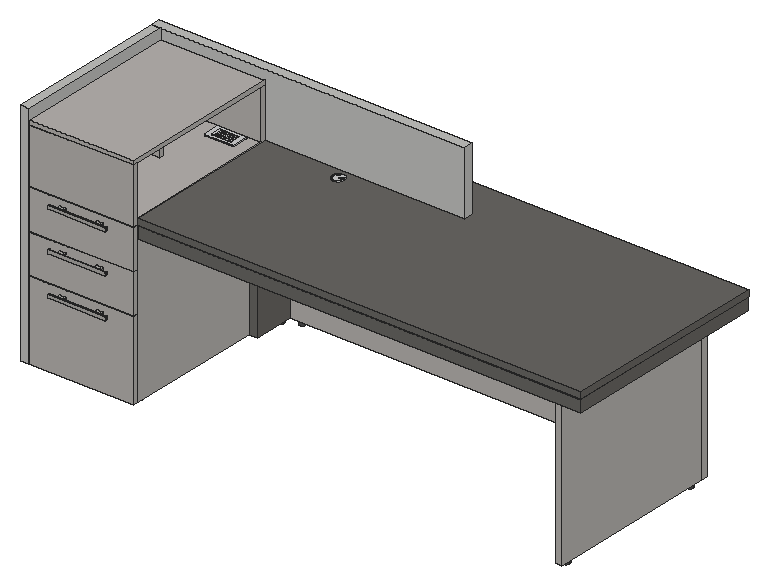
Revit family "Table-Teknion-CWRCH-Height_Adjustable_Reception_Classic_Desk-R2022", category Furniture, Revit 2022 (continued)
Dimensions and locks (in)
  aligned and locked: curve 13 to Sweep 9
  aligned and locked: curve 14 to Sweep 18
  aligned and locked: Sweep 19 to curve 15
  aligned and locked: curve 16 to Sweep 9
  aligned and locked: Sweep 18 to curve 17
  aligned and locked: curve 18 to Sweep 9
  aligned and locked: curve 19 to Sweep 15
  aligned and locked: curve 20 to Sweep 14
  aligned and locked: curve 21 to Sweep 14
  aligned and locked: curve 22 to Sweep 7
  aligned and locked: curve 23 to Sweep 7
  aligned and locked: curve 24 to Sweep 7
  aligned and locked: curve 25 to Sweep 8
  aligned and locked: curve 26 to Sweep 8
  aligned and locked: curve 27 to Sweep 21
  aligned and locked: curve 28 to Sweep 21
  aligned and locked: Sweep 13 to curve 11
  aligned and locked: Sweep 13 to curve 16
  aligned and locked: Sweep 13 to curve 3
  aligned and locked: Sweep 13 to curve 9
  aligned and locked: Sweep 13 to curve 8
  aligned and locked: curve 12 to Sweep 10
  aligned and locked: Sweep 13 to curve 27
  aligned and locked: Sweep 13 to curve 28
  aligned and locked: curve 29 to Sweep 20
  aligned and locked: curve 30 to Sweep 20
  aligned and locked: curve 31 to Sweep 20
  aligned and locked: curve 32 to Sweep 20
  aligned and locked: curve 33 to Sweep 20
  aligned and locked: curve 34 to Sweep 20
  aligned and locked: curve 35 to Sweep 20
  aligned and locked: curve 36 to Sweep 20
  aligned and locked: curve 37 to Sweep 20
  aligned and locked: curve 38 to Sweep 20
  aligned and locked: curve 39 to Sweep 20
  aligned and locked: curve 40 to Sweep 20
  aligned and locked: curve 41 to Sweep 20
  aligned and locked: curve 42 to Sweep 20
  aligned and locked: curve 43 to Sweep 20
  aligned and locked: curve 44 to Sweep 20
  aligned and locked: curve 47 to Sweep 20
  aligned and locked: curve 48 to Sweep 20
  aligned and locked: curve 49 to Sweep 20
  aligned and locked: curve 50 to Sweep 20
  aligned and locked: curve 51 to Sweep 20
  aligned and locked: curve 52 to Sweep 20
  aligned and locked: curve 53 to Sweep 20
  aligned and locked: curve 54 to Sweep 20
  aligned and locked: curve 55 to Sweep 20
  aligned and locked: curve 56 to Sweep 20
  aligned and locked: plane 14 to Sweep 26 sketch curve
  aligned and locked: plane 15 to Sweep 26 sketch curve
  aligned and locked: plane 16 to Sweep 26 sketch curve
  aligned and locked: plane 3 "Center Left/Right" to Sweep 27 sketch curve
  aligned and locked: plane 14 to Sweep 27 sketch curve
  aligned and locked: plane 3 "Center Left/Right" to Sweep 28 sketch curve
  aligned and locked: plane 3 "Center Left/Right" to Sweep 29 sketch curve
  aligned and locked: curve 58 to Sweep 27
  aligned and locked: curve 60 to Sweep 27
  aligned and locked: curve 62 to Sweep 27
  aligned and locked: curve 64 to Sweep 27
  aligned and locked: curve 65 to Sweep 28
  aligned and locked: curve 66 to Sweep 28
  aligned and locked: curve 67 to Sweep 28
  aligned and locked: curve 68 to Sweep 28
  aligned and locked: curve 69 to Sweep 29
  aligned and locked: curve 70 to Sweep 29
  aligned and locked: curve 71 to Sweep 29
  aligned and locked: curve 72 to Sweep 29
  aligned and locked: curve 73 to Sweep 29
  aligned and locked: curve 74 to Sweep 29
  aligned and locked: curve 75 to Sweep 29
  aligned and locked: curve 76 to Sweep 29
  aligned and locked: curve 77 to Sweep 29
  aligned and locked: curve 78 to Sweep 29
  aligned and locked: curve 79 to Sweep 29
  aligned and locked: curve 80 to Sweep 29
  aligned and locked: curve 81 to Sweep 29
  aligned and locked: curve 82 to Sweep 29
  aligned and locked: curve 83 to Sweep 29
  aligned and locked: curve 84 to Sweep 29
  aligned and locked: curve 85 to Sweep 29
  aligned and locked: curve 86 to Sweep 29
  aligned and locked: curve 87 to Sweep 29
  aligned and locked: curve 88 to Sweep 29
  aligned and locked: curve 89 to Sweep 29
  aligned and locked: curve 90 to Sweep 29
  aligned and locked: curve 91 to Sweep 29
  aligned and locked: curve 92 to Sweep 29
  aligned and locked: curve 93 to Sweep 29
  aligned and locked: curve 94 to Sweep 29
  aligned and locked: curve 95 to Sweep 29
  aligned and locked: curve 97 to cut or joined group of Sweep 5, Sweep 26
  aligned and locked: curve 98 to cut or joined group of Sweep 5, Sweep 26
  aligned and locked: plane 3 "Center Left/Right" to Sweep 30 sketch curve
  aligned and locked: plane 14 to Sweep 30 sketch curve
  aligned and locked: curve 99 to Sweep 30
  aligned and locked: curve 100 to Sweep 30
  aligned and locked: curve 101 to Sweep 30
  aligned and locked: curve 102 to Sweep 30
  aligned and locked: Sweep 31 sketch curve to plane 3 "Center Left/Right"
  aligned and locked: plane 14 to Sweep 31 sketch curve
  aligned and locked: curve 103 to Sweep 31
  aligned and locked: curve 104 to Sweep 31
  aligned and locked: curve 105 to Sweep 31
  aligned and locked: curve 106 to Sweep 31
  aligned and locked: curve 107 to plane 5 "Right"
  aligned and locked: curve 108 to plane 4 "Left"
  aligned and locked: curve 109 to Sweep 8
  aligned and locked: curve 110 to Sweep 21
  aligned and locked: plane 18 to Masking region 2 sketch curve
  aligned and locked: Sweep 4 sketch curve to plane 18
  aligned and locked: Sweep 2 sketch curve to plane 18
  aligned and locked: plane 18 to Masking region 1 sketch curve
  aligned and locked: cut or joined group of Sweep 2, Sweep 4 to Masking region 1 sketch curve
  aligned and locked: Masking region 6 sketch curve to Masking region 2
  aligned and locked: Masking region 2 to Masking region 3 sketch curve
  aligned and locked: Masking region 2 to curve 13
  aligned and locked: plane 18 to curve 10
  aligned and locked: curve 46 to Sweep 20
Automatic sketch dimensions
  Sweep 6 sketch curve to Sweep 6 sketch curve = 0.11854"
  Sweep 29 sketch curve to Sweep 29 sketch curve = 0.14279"
  Sweep 30 sketch curve to Sweep 30 sketch curve = 0.57027"
  Sweep 30 sketch curve to Sweep 30 sketch curve = 0.39482"
  plane 7 "Front" to curve 107 = 0"
  curve 107 to plane 6 "Back" = 0"
  plane 7 "Front" to curve 108 = 0"
  curve 108 to plane 6 "Back" = 0"
  curve 97 to curve 99 = 0"  (x2)
  plane 16 to curve 101 = 0.39482"
  curve 100 to curve 98 = 0.04672"
  curve 100 to curve 98 = 0.23622"
  curve 100 to curve 101 = 0.23622"
  curve 18 to curve 17 = 0.72441"
  curve 11 to curve 18 = 0"
  curve 110 to curve 28 = 0"
  curve 110 to curve 27 = 0"
  curve 12 to curve 42 = 0.76969"
  curve 19 to curve 20 = 0.52756"
  radius of Sweep 20 sketch curve = 0.5"  (x14)
  radius of Sweep 26 sketch curve = 1.01181"
  radius of Sweep 31 sketch curve = 0.91127"
  radius of Sweep 31 sketch curve = 0.82696"
Types (2): name | Grommet Offset | Width | Screen Edge offset | Model | LF | LB | Description
  Box/Box/File Storage | 20.258" | 96" | 42" | "CWRCH36_B" | no | yes | "Teknion Reception, H/A Classic Desk, 36\" Depth, Left, Box/Box/File Storage"
  File/File Storage | 23.258" | 108" | 48" | "CWRCH36_F" | yes | no | "Teknion Reception, H/A Classic Desk, 36\" Depth, Left, File/File Storage"
